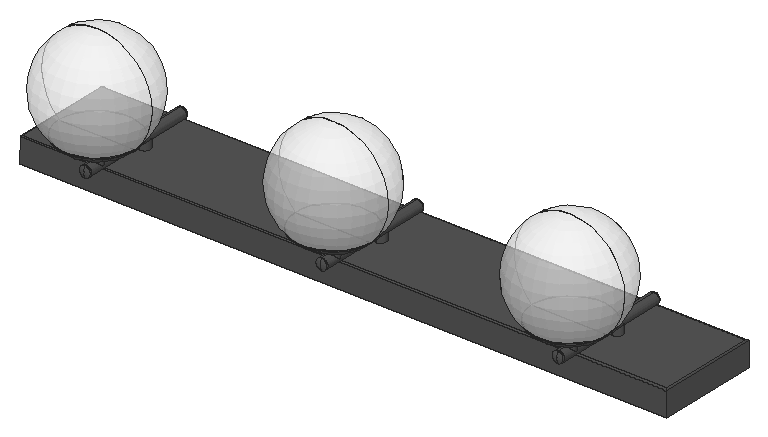
Revit family "AFX-Metropolitan-Vanity_", category Lighting Fixtures, host Face, Revit 2022
Family settings
  Host = Face
  Round Connector Dimension = Use Diameter
  Part Type = Normal
  Cut with Voids When Loaded = No
  Light Source = No
  Maintain Annotation Orientation = No
  Shared = No
  Room Calculation Point = No
Parameters (values of type "METV30")
  Width = 30"
  Wattage Comments = "24W"
  Voltage = 120 V
  URL = "https://www.afxinc.com/"
  Type Comments = "Metropolitan"  # constant formula
  Sustainability = "https://lamprecycle.org/en/"
  Support Finish = AFX - Paint Black
  Revit Model Built By = "https://www.servex-us.com/servex-revit/"
  Qty = if(and(Width = 30"), 3, 4)  # 3
  Product Documentation Link = "https://www.afxinc.com/products/productDetail.cfm?productID=1656"
  Power Factor = 1
  Model = "METV30"
  Manufacturer = "AFX Inc"  # constant formula
  Keynote = "12500"  # constant formula
  Height = 7 7/8"
  Dist Lighting = if(and(Width = 30"), 4 1/32", 3 15/16")  # 4 1/32"
  Diffuser Finish = AFX - Diffuser
  Description = "LED Vanity - 30\"W x 7 3/8\"D x 7 7/8\"H"
  Depth = 7 3/8"
  Default Elevation = 48"
  Cap Finish = AFX - Plastic Black
  Canopy Finish = AFX - Paint Black
  Assembly Code = "D5020200"
  Apparent Load = 0 VA
Types (3): name | Width | Wattage Comments | Qty | Product Documentation Link | Model | Dist Lighting | Description
  (no name) | 30" | "24W" | 3 | "https://www.afxinc.com/products/productDetail.cfm?productID=1656" | "METV30" | 4 1/32" | "LED Vanity - 30\"W x 7 3/8\"D x 7 7/8\"H"
  METV38 | 38" | "32W" | 4 | "https://www.afxinc.com/products/productDetail.cfm?productID=1658" | "METV38" | 3 15/16" | "LED Vanity - 38\"W x 7 3/8\"D x 7 7/8\"H"
  METV30 | 30" | "24W" | 3 | "https://www.afxinc.com/products/productDetail.cfm?productID=1656" | "METV30" | 4 1/32" | "LED Vanity - 30\"W x 7 3/8\"D x 7 7/8\"H"
Reference planes (in)
  plane 1 "Center (Front/Back)": y = 0
  plane 2: z = 0
  plane 3 "Center (Left/Right)": x = 0
  plane 4: x = -15
  plane 5: x = 15
  plane 6: y = 2.3622047
  plane 7: x = -10.96875
  plane 8: x = 10.96875
  plane 9: y = -5.5127953
  plane 10: y = -1.5752953
  plane 11: z = 7.375
Forms (in)
  Sweep 1, solid, material "AFX - Paint Black" <- "Canopy Finish"
    path origin (0, 0, 0) x (1, 0, 0) y (0, 1, 0)
      loop
        line (-15, 2.3622047) -> (-15, -2.3622047) -> (15, -2.3622047) -> (15, 2.3622047) -> (-15, 2.3622047)
    profile origin (0, 2.3622047, 0) x (0, 1, 0) y (0, 0, 1)
      loop
        line (0, 0) -> (0, 1.1220225)
        arc (0, 1.1220225) -> (-0.0173041, 1.1637983) -> (-0.0590798, 1.1811024) r 0.0590798
        line (-0.0590798, 1.1811024) -> (-0.1201429, 1.1811024) -> (-0.1201429, 0) -> (0, 0)
  Extrusion 2, solid, material "AFX - Paint Black" <- "Canopy Finish"
    sketch origin (0, 0, 0) x (1, 0, 0) y (0, 1, 0)
      loop
        line (-14.8798571, 2.2420619) -> (-14.8798571, -2.2420619) -> (14.8798571, -2.2420619) -> (14.8798571, 2.2420619) -> (-14.8798571, 2.2420619)
    from 0 to 1.1811024
Cuts and joins
  joined: Sweep 1, Extrusion 2
Lines and regions (in)
  symbolic lines
    curve 1: line (15.0008101, 0, 0) -> (-15, 0, 0)
    curve 2: line (-14.9409202, 0, 1.1811024) -> (14.9409202, 0, 1.1811024)
    curve 3: arc (14.9409202, 0, 1.1811024) -> (14.9828941, 0, 1.1639362) -> (15.0008101, 0, 1.1222768) r 0.0598995
    curve 4: line (-15, 0, 1.1222768) -> (-15, 0, 0)
    curve 5: arc (-15, 0, 1.1222768) -> (-14.9826061, 0, 1.1638881) -> (-14.9409202, 0, 1.1811024) r 0.0590804
    curve 6: line (15.0008101, 0, 1.1222768) -> (15.0008101, 0, 0)
Dimensions and locks (in)
  equal spacing: plane 4, plane 3 "Center (Left/Right)", plane 5
  "Width": plane 4 to plane 5
  "Dist Lighting": plane 4 to plane 7
  equal spacing: group 1, group 3, group 2  (x3)
  "Dist Lighting": plane 8 to plane 5
  equal spacing: plane 6, plane 10, plane 9
  "Height": plane 6 to plane 9
  "Depth": plane 11 to plane 2
  aligned and locked: plane 2 to host face
  aligned and locked: level to host face
  aligned and locked: plane 5 to Sweep 1 sketch curve
  aligned and locked: Sweep 1 sketch curve to plane 6
  aligned and locked: plane 4 to Sweep 1 sketch curve
  aligned and locked: Extrusion 2 sketch curve to Sweep 1  (x4)
  aligned and locked: Extrusion 2 to plane 2
  aligned and locked: Sweep 1 to Extrusion 2
  aligned and locked: nested 1 to plane 7
  aligned and locked: plane 8 to nested 2
Automatic sketch dimensions
  host sketch curve to host sketch curve = 96"  (x2)
  Sweep 1 sketch curve to level = 0"
  Sweep 1 sketch curve to profile plane = 0"
  Sweep 1 sketch curve to Sweep 1 sketch curve = 0.05908"
  profile plane to Sweep 1 sketch curve = 0.12014"
  level to Sweep 1 sketch curve = 1.12202"
  plane 1 "Center (Front/Back)" to Sweep 1 sketch curve = 2.3622"
  curve 4 to plane 4 = 0"
  curve 1 to level = 0"
  curve 1 to plane 5 = 0.00081"
  plane 4 to curve 2 = 0.05908"
  plane 5 to curve 2 = 0.05908"
  level to curve 3 = 1.1212"
  level to curve 5 = 1.12202"
  curve 5 to curve 4 = 0.00025"
Nested families (in)
  nested 1: "Lighting" at (-10.96875, -0.1968504, 1.1811024), Cap Finish <- "Cap Finish", Diffuser Finish <- "Diffuser Finish", Support Finish <- "Support Finish", type "Lighting"
    with Support Finish AFX - Paint Black, Diffuser Finish AFX - Diffuser, Cap Finish AFX - Plastic Black
  nested 2: "Lighting" at (10.96875, -0.1968504, 1.1811024), Cap Finish <- "Cap Finish", Diffuser Finish <- "Diffuser Finish", Support Finish <- "Support Finish", type "Lighting"
    with Support Finish AFX - Paint Black, Diffuser Finish AFX - Diffuser, Cap Finish AFX - Plastic Black
  nested 3: "Lighting" at (0, -0.1968504, 1.1811024), Cap Finish <- "Cap Finish", Diffuser Finish <- "Diffuser Finish", Support Finish <- "Support Finish", type "Lighting"
    with Support Finish AFX - Paint Black, Diffuser Finish AFX - Diffuser, Cap Finish AFX - Plastic Black
Connectors (in)
  electrical at (0, 0, 0), driven by "Voltage", driven by "Apparent Load", driven by "Power Factor"
    settings: on cut or joined group of Sweep 1, Extrusion 2, index 1, voltage 120 V, apparent load 0 VA, apparent load phase1 0 VA, apparent load phase2 0 VA, apparent load phase3 0 VA, power factor 1, load classification "Lighting", number of poles 1, system type 31, power factor state 1, is connector primary yes, connector utility no, sub classification motor no, connector description ""
Definition of nested family "Lighting"
  Parameters (values of type "Lighting")
    Wattage = 24 W
    built-in parameter 1150110 = 1 (stored number, unit not read)
    built-in parameter 1114217 = 1 (stored number, unit not read)
    Tilt Angle = 90.00°
    built-in parameter 1150109 = 1 (stored number, unit not read)
    built-in parameter 1150134 = (empty or 0)
    built-in parameter 1150113 = 1 (stored number, unit not read)
    Support Finish [instance] = none
    Photometric Web File = "METV3008LxxD1xx.IES"
    built-in parameter 1150105 = 4652.3 (stored number, unit not read)
    Lumens = 40800 lm
    built-in parameter 1150115 = 1 (stored number, unit not read)
    built-in parameter 1150137 = (empty or 0)
    built-in parameter 1150139 = (empty or 0)
    built-in parameter 1150112 = 1 (stored number, unit not read)
    built-in parameter 1150114 = 1 (stored number, unit not read)
    built-in parameter 1150132 = (empty or 0)
    built-in parameter 1150102 = (empty or 0)
    built-in parameter 1150107 = 3000 (stored number, unit not read)
    built-in parameter 1150138 = (empty or 0)
    built-in parameter 1150106 = 46.523 (stored number, unit not read)
    Emit from Circle Diameter = 5"
    Emit Shape Visible in Rendering = no
    built-in parameter 1150104 = 157.94 (stored number, unit not read)
    Dimming Lamp Color Temperature Shift = (empty or 0)
    Diffuser Finish [instance] = none
    Default Elevation = 48"
    Color Filter = 16777215
    Cap Finish [instance] = none
    built-in parameter 1114218 = 1 (stored number, unit not read)
    built-in parameter 1150133 = 10 (stored number, unit not read)
  Reference planes (in)
    plane 1 "Center (Front/Back)": y = 0
    plane 2: z = 0
    plane 3 "Center (Left/Right)": x = 0
  Forms (in)
    Extrusion 1, solid
      sketch origin (0, 0, 0) x (1, 0, 0) y (0, 1, 0)
        loop
          line (-48, 48) -> (-48, -48) -> (48, -48) -> (48, 48) -> (-48, 48)
      from 0 to -12
    Revolve 2, solid, material <- "Support Finish"
      sketch origin (0, -2.7362205, 0.9724409) x (1, 0, 0) y (0, 0, 1)
        loop
          line (0, 0) -> (0.1997573, 0)
          arc (0.1997573, 0) -> (1.0467644, 0.2157532) -> (1.7712519, 0.70472) r 2.5514395
          line (1.7712519, 0.70472) -> (1.7712519, 0.7374262) -> (0, 0.7374262) -> (0, 0)
        axis (0, 0.7374262) -> (0, 0)
      angle from 0 to 360
    Revolve 3, solid, material <- "Diffuser Finish"
      sketch origin (0, -2.7362205, 0.9724409) x (1, 0, 0) y (0, 0, 1)
        loop
          arc (1.7637654, 0.7374262) -> (2.3743635, 3.5393744) -> (0, 5.1475229) r 2.5580622
          line (0, 5.1475229) -> (0, 0.7374262) -> (1.7637654, 0.7374262)
        axis (0, 5.1475229) -> (0, 0.7374262)
      angle from 0 to 360
    Revolve 4, solid, material <- "Support Finish"
      sketch origin (0, 0, 0) x (0, 1, 0) y (0, 0, 1)
        loop
          line (2.1062992, 0.7364646) -> (-3.4055118, 0.7364646) -> (-3.4055118, 0.4862205) -> (2.1062992, 0.4862205) -> (2.1062992, 0.7364646)
        axis (2.1062992, 0.4862205) -> (-3.4055118, 0.4862205)
      angle from 0 to 360
    Revolve 5, solid, material <- "Support Finish"
      sketch origin (0, 0, 0) x (0, 1, 0) y (0, 0, 1)
        loop
          line (-2.9860831, 0.9724409) -> (-2.9860831, 0.4870253) -> (-2.7362205, 0.4870253) -> (-2.7362205, 0.9724409) -> (-2.9860831, 0.9724409)
        axis (-2.7362205, 0.9724409) -> (-2.7362205, 0.4870253)
      angle from 0 to 360
    Revolve 6, solid, material <- "Support Finish"
      sketch origin (0, 0, 0) x (0, 1, 0) y (0, 0, 1)
        loop
          line (0, 0) -> (0, 0.483318) -> (-0.2499993, 0.483318) -> (-0.2499993, 0) -> (0, 0)
        axis (0, 0.483318) -> (0, 0)
      angle from 0 to 360
    Revolve 7, solid, material <- "Cap Finish"
      sketch origin (0, 0, 0) x (0, 1, 0) y (0, 0, 1)
        loop
          line (2.1062992, 0.7362223) -> (2.1062992, 0.4862205) -> (2.2042113, 0.4862205)
          arc (2.2042113, 0.4862205) -> (2.1899811, 0.6147425) -> (2.1456747, 0.7362223) r 0.5412944
          line (2.1456747, 0.7362223) -> (2.1062992, 0.7362223)
        loop
          line (-3.4055118, 0.7362223) -> (-3.4448873, 0.7362223)
          arc (-3.4448873, 0.7362223) -> (-3.4891937, 0.6147425) -> (-3.5034239, 0.4862205) r 0.5412944
          line (-3.5034239, 0.4862205) -> (-3.4055118, 0.4862205) -> (-3.4055118, 0.7362223)
        axis (-3.5034239, 0.4862205) -> (2.2042113, 0.4862205)
      angle from 0 to 360
  Lines and regions (in)
    symbolic lines
      curve 1: line (1.7712519, 0, 1.7098671) -> (1.7712519, 0, 1.6771609)
      curve 2: line (1.7712519, 0, 1.7098671) -> (-1.7712519, 0, 1.7098671)
      curve 3: line (-1.7712519, 0, 1.7098671) -> (-1.7712519, 0, 1.6771609)
      curve 4: line (-0.2498286, 0, 0.9724409) -> (0.2498302, 0, 0.9724409)
      curve 5: arc (-0.1997573, 0, 0.9724409) -> (-1.0465693, 0, 1.1886293) -> (-1.7712519, 0, 1.6771609) r 2.5591138
      curve 6: arc (1.7712519, 0, 1.6771609) -> (1.0468878, 0, 1.187919) -> (0.1997573, 0, 0.9724409) r 2.5466118
      curve 7: circle (0, 0, 0.4862205) r 0.2502441 normal (0, -1, 0)
      curve 8: line (0.2498302, 0, 0.9724409) -> (0.2498302, 0, 0)
      curve 9: line (-0.2498286, 0, 0.9724409) -> (-0.2498286, 0, 0)
      curve 10: line (0.2498302, 0, 0) -> (-0.2498286, 0, 0)
      curve 11: arc (-1.7637654, 0, 1.7098671) -> (0, 0, 6.1209487) -> (1.7637654, 0, 1.7098671) r 2.5581605
  Dimensions and locks (in)
    aligned and locked: plane 2 to Extrusion 1
    aligned and locked: level to Extrusion 1
